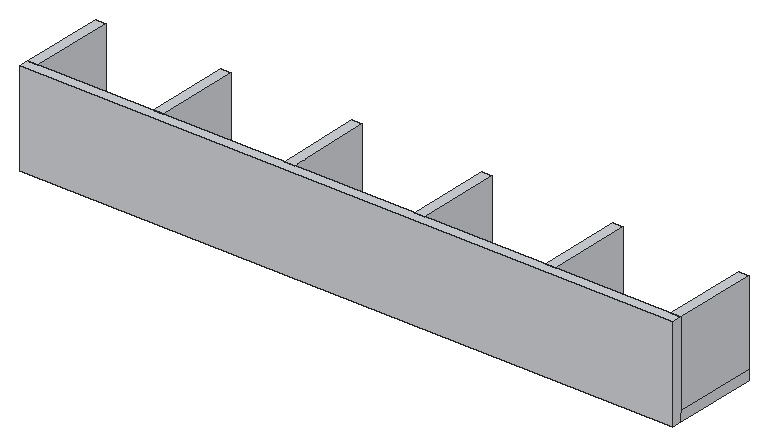
Revit family
Parameters (values of type "1180 x 170 x 170mm")
  URL = ""
  Type Comments = ""
  Model = ""
  Material = none
  Manufacturer = "Revit"
  Description = "Shelf"
  Cost = 0
  Assembly Code = ""
Reference planes
  plane 1 "Wall": y = 0
  plane 2 "Center (Left/Right)": x = -19.78
  plane 3 "Back": y = 75
  plane 4: x = -609.78
  plane 5: x = 570.22
  plane 6: y = 245
  plane 7: z = 1700
  plane 8: z = 1870
  plane 9: x = 334.22
  plane 10: x = 98.22
  plane 11: x = -137.78
  plane 12: x = -373.78
  plane 13: y = 93
Forms (mm)
  Extrusion 1, solid, material <- "Material"
    sketch origin (0, 0, 0) x (1, 0, 0) y (0, 0, 1)
      loop
        line (570.22, 1700) -> (570.22, 1718) -> (-609.78, 1718) -> (-609.78, 1700) -> (570.22, 1700)
    from -245 to -93
  Extrusion 2, solid, material <- "Material"
    sketch origin (0, 0, 0) x (1, 0, 0) y (0, 0, 1)
      loop
        line (570.22, 1870) -> (552.22, 1870) -> (552.22, 1718) -> (570.22, 1718) -> (570.22, 1870)
      loop
        line (343.22, 1870) -> (325.22, 1870) -> (325.22, 1718) -> (343.22, 1718) -> (343.22, 1870)
      loop
        line (107.22, 1870) -> (89.22, 1870) -> (89.22, 1718) -> (107.22, 1718) -> (107.22, 1870)
      loop
        line (-128.78, 1870) -> (-146.78, 1870) -> (-146.78, 1718) -> (-128.78, 1718) -> (-128.78, 1870)
      loop
        line (-364.78, 1870) -> (-382.78, 1870) -> (-382.78, 1718) -> (-364.78, 1718) -> (-364.78, 1870)
      loop
        line (-609.78, 1870) -> (-609.78, 1718) -> (-591.78, 1718) -> (-591.78, 1870) -> (-609.78, 1870)
    from -245 to -93
  Extrusion 3, solid, material <- "Material"
    sketch origin (0, 0, 0) x (1, 0, 0) y (0, 0, 1)
      loop
        line (570.22, 1870) -> (-609.78, 1870) -> (-609.78, 1700) -> (570.22, 1700) -> (570.22, 1870)
    from -93 to -75
Text (mm)
  text "Placement side" at (-1848.837, 1116.779, 0), in view "Ref. Level"
  text "Placement side" at (0, 1409.804, 2854.306), in view "Left"
  text "Placement side" at (0, 499.811, 2980.732), in view "Right"
Dimensions and locks
  locked: plane 3 "Back" to host wall
  equal spacing: plane 4, plane 2 "Center (Left/Right)", plane 5
  locked: plane 4 to plane 5 at 1180
  locked: plane 3 "Back" to plane 6 at 170
  equal spacing: plane 4, plane 12, plane 11, plane 10, plane 9, plane 5
  locked: plane 3 "Back" to plane 13 at 18
  aligned and locked: Extrusion 1 sketch curve to plane 7
  aligned and locked: Extrusion 1 sketch curve to plane 4
  aligned and locked: Extrusion 1 to plane 6
  aligned and locked: plane 13 to Extrusion 1
  aligned and locked: Extrusion 2 sketch curve to plane 8
  aligned and locked: Extrusion 2 sketch curve to Extrusion 1
  aligned and locked: Extrusion 2 to plane 6
  aligned and locked: Extrusion 2 to Extrusion 1
  aligned and locked: Extrusion 3 sketch curve to Extrusion 2  (x2)
  aligned and locked: Extrusion 1 to Extrusion 3 sketch curve
  aligned and locked: Extrusion 3 sketch curve to Extrusion 1
  aligned and locked: Extrusion 3 to plane 13
  aligned and locked: plane 3 "Back" to Extrusion 3
  aligned and locked: Extrusion 2 to plane 8
